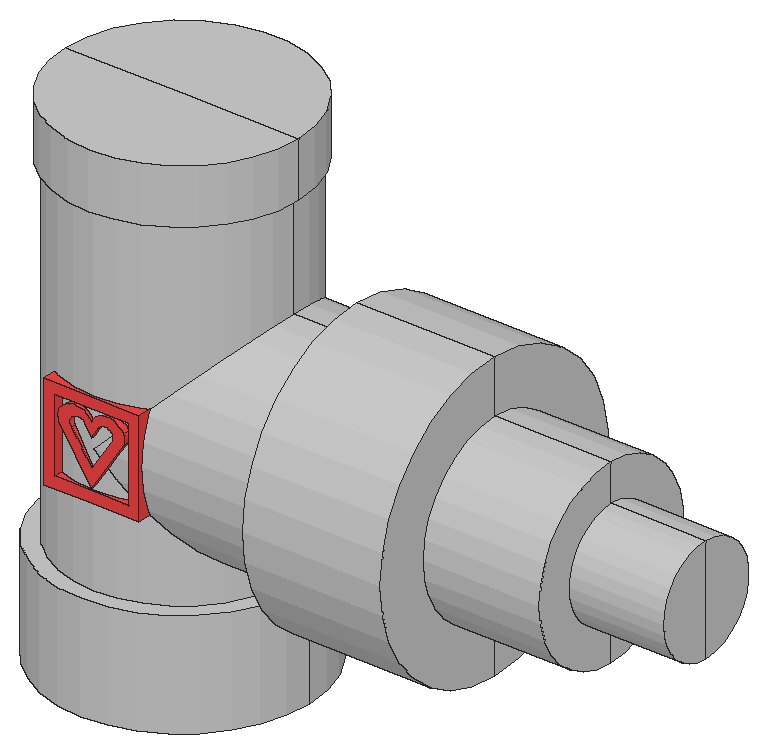
Revit family "Клапан запорный для отключения радиатора HERZ-RL-1, угловой 3724", category Rohrzubehör, Revit 2020
Family settings
  Bemaßung runder Anschluss = Durchmesser verwenden
  Teiletyp = Unterbricht
  OmniClass-Nummer = 23.65.55.14
  OmniClass-Titel = Valves for Liquid Services
  Arbeitsebenenbasiert = Nein
  Immer vertikal = Nein
  Beim Laden mit Abzugskörper schneiden = Nein
  Gemeinsam genutzt = Nein
Parameters
  Среда = "Качество воды в соответствии с ÖNORM H 5195 или директивой VDI 2035."
  Область применения = "Система водяного отопления. С помощью установки радиаторных запорных клапанов возможно осуществить перекрытие обратного потока нагревательных приборов. При одновременном перекрытии с клапаном на подающем трубопроводе возможен демонтаж радиатора в системе, которая находится под давлением. Промывку радиатора или ремонт помещения (оклеивание обоями, облицовку плиткой) можно проводить, не прерывая работу системы. Если требуется предварительная настройка клапанов для отключения радиаторов или заполнение и опорожнение радиаторов или системы при помощи данного клапана, рекомендуется установка клапана HERZ-RL-5."
  Номер заказа [instance] = size_lookup("3724_1_", "Artnr", 0, Nennweite)  # 1372440
  Макс. рабочее давление = 1000000.0 Pa  # constant formula
  Макс. рабочая температура = 120 °C  # constant formula
  Корпус = "Никелированная латунь"  # constant formula
  Исполнение = "Все модели поставляются в никелированном исполнении, это универсальные модели со специальной муфтой для резьбовой трубы и компрессионных фитингов."
  Vorgabe-Ansicht = 0.000 mm
  URL = "www.herz-armaturen.ru"
  SCRNSEQ = "ARM;ARM_TYP=\"ALLF\";2"
  SCRNCODE = "05;01;02"  # constant formula
  S04 = 45.000 mm  # constant formula
  S03 [instance] = H02 - 5.000 mm + 41.000 mm  # 60.500 mm
  S02 [instance] = L04 + L03 - L02  # 25.500 mm
  S01 = 10.000 mm  # constant formula
  R06 = 11.000 mm  # constant formula
  Nennweite [instance] = 10.000 mm
  LO1 [instance] = R01 - 0.500 mm  # 10.000 mm
  L04 [instance] = size_lookup("3724_1_", "L4", 1.000 mm, Nennweite)  # 20.000 mm
  L03 [instance] = size_lookup("3724_1_", "L3", 1.000 mm, Nennweite)  # 13.000 mm
  L02 [instance] = size_lookup("3724_1_", "L2", 1.000 mm, Nennweite)  # 7.500 mm
  L01 [instance] = size_lookup("3724_1_", "L1", 1.000 mm, Nennweite)  # 24.000 mm
  Hersteller = "HERZ Armaturen Ges.m.b.H."  # constant formula
  H05 = 5.200 mm  # constant formula
  H04 = 25.500 mm  # constant formula
  H03 [instance] = size_lookup("3724_1_", "H3", 1.000 mm, Nennweite)  # 10.000 mm
  H02 [instance] = 24.500 mm  # constant formula
  H01 [instance] = size_lookup("3724_1_", "H1", 1.000 mm, Nennweite)  # 22.000 mm
  GT1 [instance] = size_lookup("3724_1_", "GT1", 1.000 mm, Nennweite)  # 9.000 mm
  GT [instance] = size_lookup("3724_1_", "GT", 1.000 mm, Nennweite)  # 9.500 mm
  G2 [instance] = Nennweite / 2  # 5.000 mm
  G1 [instance] = Nennweite / 2  # 5.000 mm
  R01 = 10.500 mm  # constant formula
  D05 [instance] = size_lookup("3724_1_", "D5", 1.000 mm, Nennweite)  # 8.500 mm
  D04 [instance] = size_lookup("3724_1_", "D4", 1.000 mm, Nennweite)  # 13.500 mm
  D03 [instance] = R01  # 10.500 mm
  D02 [instance] = size_lookup("3724_1_", "D2", 1.000 mm, Nennweite)  # 7.940 mm
  D01 [instance] = size_lookup("3724_1_", "D1", 1.000 mm, Nennweite)  # 12.000 mm
Reference planes
  plane 1 "Mitte (Vorne/hinten)": y = 0
  plane 2: z = 0
  plane 3 "Mitte (Links/rechts)": x = 0
Forms (mm)
  Revolve 1, solid, material "Messing, weicher Gelbton, geschweißt", detail levels fine
    sketch origin (0, 0, 0) x (1, 0, 0) y (0, 0, 1)
      loop
        line (0, 24.5) -> (-10.5, 24.5) -> (-10.5, -12) -> (-12, -12) -> (-12, -22) -> (-5, -22) -> (-5, -12.5) -> (0, -12.5) -> (0, 24.5)
      axis (0, 24.5) -> (0, -22)
    angle from 0 to 360
  Revolve 2, solid, material "Messing, weicher Gelbton, geschweißt", detail levels fine
    sketch origin (0, 0, 0) x (1, 0, 0) y (0, 0, 1)
      loop
        line (0, 0) -> (24, 0) -> (24, 7.94) -> (16.5, 7.94) -> (16.5, 10.5) -> (0, 10.5) -> (0, 0)
      axis (0, 0) -> (24, 0)
    angle from 0 to 360
  Revolve 3, solid, material "Messing, weicher Gelbton, geschweißt", detail levels fine
    sketch origin (-1, 0, 0) x (1, 0, 0) y (0, 0, 1)
      loop
        line (25, 0) -> (50.5, 0) -> (50.5, 5) -> (41.5, 5) -> (41.5, 8.5) -> (30.5, 8.5) -> (30.5, 13.5) -> (17.5, 13.5) -> (17.5, 7.94) -> (25, 7.94) -> (25, 0)
      axis (17.5, 0) -> (50.5, 0)
    angle from 0 to 360
  Revolve 4, solid, material "Messing, weicher Gelbton, geschweißt", detail levels fine
    sketch origin (0, 0, 0) x (1, 0, 0) y (0, 0, 1)
      loop
        line (0, 20.3) -> (11, 20.3) -> (11, 25.5) -> (0, 25.5) -> (0, 20.3)
      axis (0, 25.5) -> (0, 20.3)
    angle from 0 to 360
Lines and regions (mm)
  model lines, detail levels coarse+medium
    curve 1: line (0, 0, 0) -> (12, 0, -22)
    curve 2: line (12, 0, -22) -> (-12, 0, -22)
    curve 3: line (-12, 0, -22) -> (0, 0, 0)
    curve 4: line (0, 0, 0) -> (24, 0, 13.5)
    curve 5: line (24, 0, 13.5) -> (24, 0, -13.5)
    curve 6: line (24, 0, -13.5) -> (0, 0, 0)
    curve 7: line (24, 0, 13.5) -> (34, 0, 13.5)
    curve 8: line (34, 0, 13.5) -> (24, 0, 0)
    curve 9: line (24, 0, -13.5) -> (34, 0, -13.5)
    curve 10: line (34, 0, -13.5) -> (24, 0, 0)
    curve 11: line (24, 0, 0) -> (49.5, 0, 0)
    curve 12: line (0, 0, 0) -> (12, -22, 0)
    curve 13: line (12, -22, 0) -> (-12, -22, 0)
    curve 14: line (-12, -22, 0) -> (0, 0, 0)
    curve 15: line (0, 0, 0) -> (24, 13.5, 0)
    curve 16: line (24, 13.5, 0) -> (24, -13.5, 0)
    curve 17: line (24, -13.5, 0) -> (0, 0, 0)
    curve 18: line (24, 13.5, 0) -> (34, 13.5, 0)
    curve 19: line (34, 13.5, 0) -> (24, 0, 0)
    curve 20: line (24, -13.5, 0) -> (34, -13.5, 0)
    curve 21: line (24, 0, 0) -> (34, -13.5, 0)
Dimensions and locks
  "H02": Revolve 1 sketch curve to plane 2
  "H01": plane 2 to Revolve 1 sketch curve
  "R01": Revolve 1 sketch curve to Revolve 1 sketch curve
  "G1": Revolve 1 sketch curve to Revolve 1 sketch curve
  "D01": Revolve 1 sketch curve to Revolve 1 sketch curve
  "GT": Revolve 1 sketch curve to Revolve 1 sketch curve
  "H03": Revolve 1 sketch curve to Revolve 1 sketch curve
  "D02": Revolve 2 sketch curve to Revolve 2 sketch curve
  "D03": Revolve 2 sketch curve to Revolve 2 sketch curve
  "L01": Revolve 2 sketch curve to Revolve 2 sketch curve
  "L02": Revolve 2 sketch curve to Revolve 2 sketch curve
  "LO1": nested 1 to plane 1 "Mitte (Vorne/hinten)"
  "L02": Revolve 3 sketch curve to Revolve 3 sketch curve
  "L03": Revolve 3 sketch curve to Revolve 3 sketch curve
  "L04": Revolve 3 sketch curve to Revolve 3 sketch curve
  "D04": Revolve 3 sketch curve to Revolve 3 sketch curve
  "G2": Revolve 3 sketch curve to Revolve 3 sketch curve
  "D05": Revolve 3 sketch curve to Revolve 3 sketch curve
  "GT1": Revolve 3 sketch curve to Revolve 3 sketch curve
  "L01": plane 3 "Mitte (Links/rechts)" to Revolve 3 sketch curve
  "D02": Revolve 3 sketch curve to plane 2
  "H01": plane 2 to curve 2
  "L01": curve 5 to plane 3 "Mitte (Links/rechts)"
  "D01": curve 2 to plane 3 "Mitte (Links/rechts)" to curve 3
  "D04": curve 5 to plane 2 to curve 6
  "S01": curve 5 to curve 8
  "S01": curve 5 to curve 10
  "S02": curve 11 to curve 11
  "H01": curve 13 to plane 1 "Mitte (Vorne/hinten)"
  "D01": curve 14 to plane 3 "Mitte (Links/rechts)" to curve 13
  "L01": plane 3 "Mitte (Links/rechts)" to curve 16
  "D04": curve 17 to plane 1 "Mitte (Vorne/hinten)" to curve 16
  "S01": curve 16 to curve 19
  "S01": curve 16 to curve 21
  "R06": Revolve 4 sketch curve to Revolve 4 sketch curve
  "H04": Revolve 4 sketch curve to plane 2
  "H05": Revolve 4 sketch curve to Revolve 4 sketch curve
  aligned and locked: level to plane 2
Automatic sketch dimensions
  curve 4 to level = 0.000 mm
  curve 4 to plane 3 "Mitte (Links/rechts)" = 0.000 mm
  curve 11 to level = 0.000 mm
  curve 8 to level = 0.000 mm
  plane 1 "Mitte (Vorne/hinten)" to curve 14 = 0.000 mm
  curve 14 to plane 3 "Mitte (Links/rechts)" = 0.000 mm
  plane 1 "Mitte (Vorne/hinten)" to curve 19 = 0.000 mm
  Revolve 1 sketch curve to plane 3 "Mitte (Links/rechts)" = 0.000 mm  (x2)
  Revolve 1 sketch curve to Revolve 1 sketch curve = 345.545 mm
  Revolve 1 sketch curve to Revolve 1 sketch curve = 2189.815 mm
  Revolve 2 sketch curve to level = 0.000 mm  (x2)
  Revolve 2 sketch curve to plane 3 "Mitte (Links/rechts)" = 0.000 mm
  Revolve 2 sketch curve to plane 3 "Mitte (Links/rechts)" = 1506.530 mm
  Revolve 2 sketch curve to Revolve 2 sketch curve = 1815.148 mm
  Revolve 3 sketch curve to level = 0.000 mm  (x2)
  Revolve 3 sketch curve to plane 3 "Mitte (Links/rechts)" = 1507.530 mm
  Revolve 3 sketch curve to Revolve 3 sketch curve = 1789.648 mm
  Revolve 4 sketch curve to plane 3 "Mitte (Links/rechts)" = 0.000 mm  (x2)
  Revolve 4 sketch curve to level = 366.045 mm
  Revolve 4 sketch curve to Revolve 4 sketch curve = 2190.315 mm
Nested families
  nested 1: "Herz-Logo-vorne" at (0, -10, 0) x (0, -1, 0) z (0, 0, 1), type "Herz-Logo-vorne", detail levels fine
Connectors
  piping at (0, 0, -12.5), diameter 10, driven by "Nennweite"
    settings: on Revolve 1, index 1, connector inside diameter 609.6 mm, connector length 0.000 mm, flow factor 0, pipe flow 0.0 L/s, pressure drop 0.0 Pa, fitting loss kfactor 0, connector angle 0.00°, fixture units 0, engagement length 0.000 mm, angle of deflection 0.00°, flow configuration 0, flow direction 1, fitting loss method 0, system type 8, joint type 0, gender type 0, connector reference index -1, connector utility 0, adjustable connector no, is connector primary yes, connector description ""
  piping at (49.5, 0, 0), diameter 10, driven by "Nennweite"
    settings: on Revolve 3, index 2, connector inside diameter 609.6 mm, connector length 0.000 mm, flow factor 0, pipe flow 0.0 L/s, pressure drop 0.0 Pa, fitting loss kfactor 0, connector angle 0.00°, fixture units 0, engagement length 0.000 mm, angle of deflection 0.00°, flow configuration 0, flow direction 2, fitting loss method 0, system type 8, joint type 0, gender type 0, connector reference index -1, connector utility 0, adjustable connector no, is connector primary no, connector description ""
Definition of nested family "Herz-Logo-vorne"
  Parameters (values of type "Herz-Logo-vorne")
    Default Elevation = 0.000 mm
  Reference planes
    plane 1 "Mitte (Vorne/hinten)": y = 0
    plane 2: z = 0
    plane 3 "Mitte (Links/rechts)": x = 0
  Forms (mm)
    Extrusion 1, solid
      sketch origin (0.732, -0.018, 0.017) x (0, -1, 0) y (0, 0, 1)
        loop
          line (-0.018, -4.517) -> (4.482, -4.517) -> (4.482, 4.483) -> (-4.518, 4.483) -> (-4.518, -4.517) -> (-0.018, -4.517)
        loop
          line (-0.05, -3.48) -> (3.482, -3.48) -> (3.482, 3.483) -> (-3.518, 3.483) -> (-3.518, -3.48) -> (-0.05, -3.48)
        loop
          arc (-0.018, 2.383) -> (-1.543, 3.287) -> (-3.067, 2.383) r 1.738
          arc (-3.067, 2.383) -> (-3.191, 1.899) -> (-3.067, 1.415) r 1.009
          line (-3.067, 1.415) -> (-0.018, -3.281) -> (3.032, 1.415)
          arc (3.032, 1.415) -> (3.156, 1.899) -> (3.032, 2.383) r 1.009
          arc (3.032, 2.383) -> (1.507, 3.287) -> (-0.018, 2.383) r 1.738
        loop
          arc (1.885, 1.272) -> (2.005, 1.675) -> (1.885, 2.079) r 0.74
          arc (1.885, 2.079) -> (1.265, 2.416) -> (0.644, 2.079) r 0.74
          line (0.644, 2.079) -> (-0.018, 0.97) -> (-0.679, 2.079)
          arc (-0.679, 2.079) -> (-1.3, 2.416) -> (-1.921, 2.079) r 0.74
          arc (-1.921, 2.079) -> (-2.04, 1.675) -> (-1.921, 1.272) r 0.74
          line (-1.921, 1.272) -> (-0.018, -1.658) -> (1.885, 1.272)
      from 0 to 1.5
  Dimensions and locks
    aligned and locked: level to plane 2
